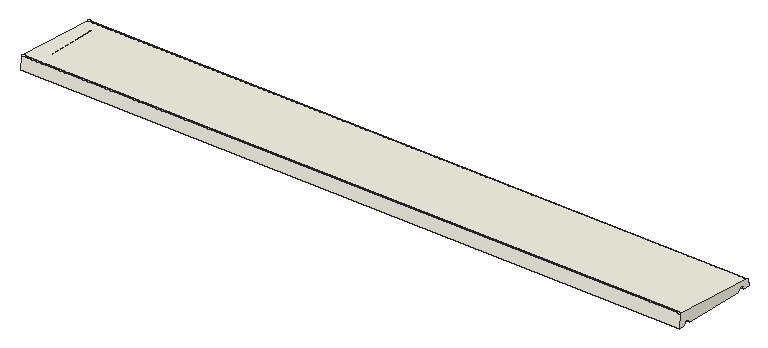
Revit family "Albardilla MB remate DER. C-1", category Modelos genéricos, Revit 2020
Family settings
  Puede alojar armadura = No
  Cota de conector redondo = Diámetro de uso
  Tipo de pieza = Normal
  Se basa en plano de trabajo = No
  Siempre vertical = No
  Corte con vacíos al cargar = No
  Compartido = No
  Punto de cálculo de habitación = No
Parameters (values of type "RDMB12")
  Descripción = "Pieza de hormigón polímero con anclaje de acero inoxidable."
  Ancho doble = Ancho / 4  # 30 mm
  Visible una linea = if(Ancho > 300 mm, 2 = 3, 2 = 2)  # yes
  Visible dos líneas = if(Ancho > 300 mm, 2 = 2, 2 = 3)  # no
  URL = "https://www.ulmaarchitectural.com/es-es"
  Nº filas anclajes [instance] = 3  # constant formula
  Modelo = "Albardilla MB12 remate derecha"
  Material = Hormigón polímero STONEO. Color C-1
  Longitud real [instance] = 1300 mm  # constant formula
  Fabricante = "ULMA Architectural Solutions"
  Elevación por defecto = 0 mm
  Dist. entre anclajes [instance] = 440 mm  # constant formula
  Dist primer anclaje [instance] = 150 mm  # constant formula
  Código de montaje = "RDMB12"
  Ancho total = Ancho + 50 mm  # 170 mm
  Ancho = 120 mm
Types (11, lengths in mm): name | Ancho doble | Visible una linea | Visible dos líneas | Modelo | Código de montaje | Ancho total | Ancho
  (no name) | 30 | yes | no | "Albardilla MB12 remate derecha" | "RDMB12" | 170 | 120
  RDMB12 | 30 | yes | no | "Albardilla MB12 remate derecha" | "RDMB12" | 170 | 120
  RDMB14 | 35 | yes | no | "Albardilla MB14 remate derecha" | "RDMB14" | 190 | 140
  RDMB17 | 42.5 | yes | no | "Albardilla MB17 remate derecha" | "RDMB17" | 220 | 170
  RDMB19 | 47.5 | yes | no | "Albardilla MB19 remate derecha" | "RDMB19" | 240 | 190
  RDMB22 | 55 | yes | no | "Albardilla MB22 remate derecha" | "RDMB22" | 270 | 220
  RDMB25 | 62.5 | yes | no | "Albardilla MB25 remate derecha" | "RDMB25" | 300 | 250
  RDMB30 | 75 | yes | no | "Albardilla MB30 remate derecha" | "RDMB30" | 350 | 300
  RDMB35 | 87.5 | no | yes | "Albardilla MB35 remate derecha" | "RDMB35" | 400 | 350
  RDMB40 | 100 | no | yes | "Albardilla MB40 remate derecha" | "RDMB40" | 450 | 400
  RDMB27 | 67.5 | yes | no | "Albardilla MB27 remate derecha" | "RDMB27" | 320 | 270
Reference planes
  plane 1 "Centro (Frontal/Posterior)": y = 0
  plane 2: z = 0
  plane 3 "Centro (Izquierda/Derecha)": x = 0
  plane 4: y = -30
  plane 5: y = 30
Forms (mm)
  Extrusion 1, solid, material "Hormigón polímero STONEO. Color C-1" <- "Material"
    sketch origin (0, 0, 0) x (0, 1, 0) y (0, 0, 1)
      loop
        line (-85, 0) -> (85, 0) -> (82.637, 13.403)
        arc (82.637, 13.403) -> (81.978, 14.566) -> (80.734, 15.054) r 2
        line (80.734, 15.054) -> (-78.857, 24.942)
        arc (-78.857, 24.942) -> (-80.183, 24.496) -> (-80.893, 23.29) r 2
        line (-80.893, 23.29) -> (-85, 0)
    from 0 to 1300
  Sweep 2, void
    path origin (0, 0, 0) x (1, 0, 0) y (0, 1, 0)
      loop
        line (1300, 85) -> (0, 85) -> (0, -85) -> (1300, -85)
    profile origin (650, 85, 0) x (0, -1, 0) y (0, 0, 1)
      loop
        line (10, 0) -> (25, 0) -> (19.05, 7.298)
        arc (19.05, 7.298) -> (17.5, 8.035) -> (15.95, 7.298) r 2
        line (15.95, 7.298) -> (10, 0)
Cuts and joins
  Sweep 2 cuts Extrusion 1
Dimensions and locks
  "Longitud real": Extrusion 1 to Extrusion 1
  "Dist primer anclaje": Extrusion 1 to nested 1
  equal spacing: group 1, group 2, group 7  (x3)
  "Dist. entre anclajes": nested 1 to nested 2
  "Dist primer anclaje": plane 3 "Centro (Izquierda/Derecha)" to nested 3
  "Dist primer anclaje": plane 3 "Centro (Izquierda/Derecha)" to nested 4
  "Ancho doble": plane 1 "Centro (Frontal/Posterior)" to plane 4
  "Ancho doble": plane 1 "Centro (Frontal/Posterior)" to plane 5
  equal spacing: group 3, group 4, group 8  (x3)
  "Dist. entre anclajes": nested 4 to nested 5
  equal spacing: group 5, group 6, group 9  (x3)
  "Dist. entre anclajes": nested 3 to nested 6
  Extrusion 1 sketch curve to level = 24.942 mm
  Extrusion 1 sketch curve to level = 15.054 mm
  equal spacing: Extrusion 1 sketch curve, plane 1 "Centro (Frontal/Posterior)", Extrusion 1 sketch curve
  "Ancho total": Extrusion 1 sketch curve to Extrusion 1 sketch curve
  "Ancho total": Sweep 2 sketch curve to Sweep 2 sketch curve
  "Longitud real": Extrusion 1 to Sweep 2 sketch curve
  Sweep 2 sketch curve to Sweep 2 sketch curve to profile plane = 15 mm, 10 mm
  Sweep 2 sketch curve to profile plane = 8.035 mm
  equal spacing: Sweep 2 sketch curve, plane 1 "Centro (Frontal/Posterior)", Sweep 2 sketch curve
  radius of Extrusion 1 sketch curve = 2 mm  (x2)
  radius of Sweep 2 sketch curve = 2 mm
  angle Extrusion 1 sketch curve to Extrusion 1 sketch curve = 80.00°  (x2)
  aligned and locked: level to plane 2
  aligned and locked: plane 1 "Centro (Frontal/Posterior)" to nested 1
  aligned and locked: level to nested 2
  aligned and locked: level to nested 1
  aligned and locked: nested 4 to plane 4
  aligned and locked: nested 3 to plane 5
  aligned and locked: nested 5 to plane 4
  aligned and locked: nested 6 to plane 5
  aligned and locked: profile plane to Sweep 2 sketch curve
Automatic sketch dimensions
  Sweep 2 sketch curve to Sweep 2 sketch curve = 5.95 mm
  Sweep 2 sketch curve to Sweep 2 sketch curve = 1.264 mm
  Sweep 2 sketch curve to Sweep 2 sketch curve = 0 mm  (x2)
  Extrusion 1 sketch curve to level = 0 mm
  level to Extrusion 1 sketch curve = 23.29 mm
  Extrusion 1 sketch curve to Extrusion 1 sketch curve = 1.97 mm
  level to Extrusion 1 sketch curve = 13.056 mm
  level to Extrusion 1 sketch curve = 13.403 mm
  Sweep 2 sketch curve to plane 3 "Centro (Izquierda/Derecha)" = 0 mm
Nested families
  nested 1: "Anclaje imposta" at (150, 0, -2) x (0, -1, 0) z (0, 0, 1), visible <- "Visible una linea", type "Anclaje imposta"
  nested 2: "Anclaje imposta" at (590, 0, -2) x (0, -1, 0) z (0, 0, 1), visible <- "Visible una linea", type "Anclaje imposta"
  nested 3: "Anclaje imposta" at (150, 30, -2) x (0, -1, 0) z (0, 0, 1), visible <- "Visible dos líneas", type "Anclaje imposta"
  nested 4: "Anclaje imposta" at (150, -30, -2) x (0, -1, 0) z (0, 0, 1), visible <- "Visible dos líneas", type "Anclaje imposta"
  nested 5: "Anclaje imposta" at (590, -30, -2) x (0, -1, 0) z (0, 0, 1), visible <- "Visible dos líneas", type "Anclaje imposta"
  nested 6: "Anclaje imposta" at (590, 30, -2) x (0, -1, 0) z (0, 0, 1), visible <- "Visible dos líneas", type "Anclaje imposta"
  nested 7: "Anclaje imposta" at (1030, 0, -2) x (0, -1, 0) z (0, 0, 1), visible <- "Visible una linea", type "Anclaje imposta"
  nested 8: "Anclaje imposta" at (1030, -30, -2) x (0, -1, 0) z (0, 0, 1), visible <- "Visible dos líneas", type "Anclaje imposta"
  nested 9: "Anclaje imposta" at (1030, 30, -2) x (0, -1, 0) z (0, 0, 1), visible <- "Visible dos líneas", type "Anclaje imposta"
Definition of nested family "Anclaje imposta"
  Parameters (values of type "Anclaje inoxidable estándar")
    URL = "https://www.ulmaarchitectural.com/es-es"
    Model = "Sujeción anclaje inoxidable estándar SPE"
    Material = none
    Manufacturer = "ULMA"
    Default Elevation = 0 mm
    Assembly Code = "901250015"
  Reference planes
    plane 1 "Centro (Frontal/Posterior)": y = 0
    plane 2: z = 0
    plane 3 "Centro (Izquierda/Derecha)": x = 0
  Dimensions and locks
    equal spacing: import instance, plane 3 "Centro (Izquierda/Derecha)", import instance
    aligned and locked: level to plane 2
